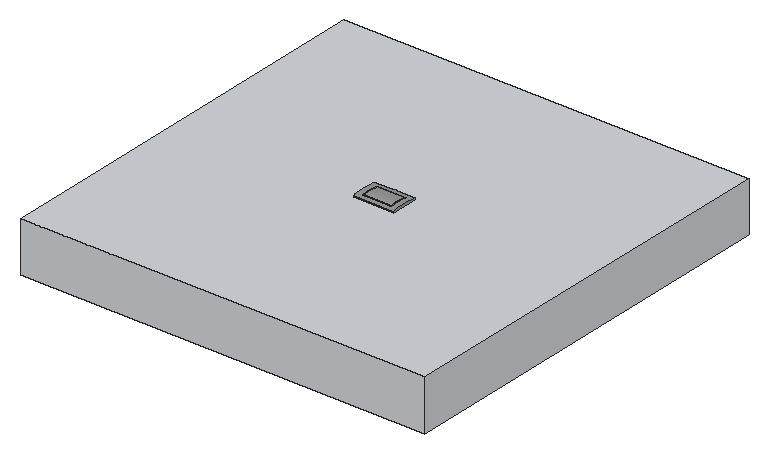
Revit family "IS_Septa_R0128_BIM_DE", category Plumbing Fixtures, host Face, Revit 2017
Family settings
  Host = Face
  Round Connector Dimension = Use Diameter
  Part Type = Normal
  OmniClass Number = 23.45.05.21.11.11
  OmniClass Title = Water Operated Water Closets
  Cut with Voids When Loaded = No
  Shared = Yes
  Room Calculation Point = No
Parameters (values of type "R0128MY - SEPTA PRO M2 S/STEEL - IS")
  Wisselstukken = "n/a"
  Werkdruk = "n/a"
  WaterEfficientProduct = no
  WaarborgGarantieInstallatie = "n/a"
  WRAS = no
  WFU = 0
  Vorm = "n/a"
  Volumeunits = "Litres"
  Verwachtelevensduur = "5"
  Vervangingskosten = 0
  Versie = "1"
  ValutaEenheid = "n/a"
  Urlproducent = "https://www.idealstandard.de/de/products"
  UrinoirType = "n/a"
  Uniclass2015Referentie = "Pr_40_20_93"
  Uniclass2015Reference = "n/a"
  Uniclass2015Description = "Urinal and WC fittings"
  Uniclass2015Beschrijving = "n/a"
  Uniclass2 = "Pr_40_20_93_89"
  URL = "https://www.idealstandard.de/de/products"
  Typewastafel = "n/a"
  TypespoelingWC = "n/a"
  Typekraanwerk = "n/a"
  Typeconnectie = "n/a"
  Typebad = "n/a"
  TypeWC = "n/a"
  Type Comments = "n/a"
  Toepassing = ""
  Testdruk = "n/a"
  Telefoonnummer = "+49 (0) 6571 16 0"
  Sluitingspatroon = "n/a"
  Revision = "n/a"
  Revisie = "n/a"
  Referentie = ""
  Productinformatie = "https://www.idealstandard.de/profibereich"
  ProductSoort = ""
  Overloop = 0 mm
  OppervlakteEenheid = "mm"
  OppervlakteAfmeting = "n/a"
  Ophangingwastafel = "n/a"
  Normen = "n/a"
  Nettogewicht = 1.0224
  NBSTypeID = "n/a"
  NBSReference = "45-30-70/387"
  NBSOfficeMasterTag = "n/a"
  NBSNote = "n/a"
  NBSDescription = "WC cistern fittings"
  NBSCertification = "n/a"
  Montageinstuctie = "https://www.idealstandard.de/profibereich"
  Model = "R0128MY"
  Merk = "Ideal Standard"
  MateriaalWC = "n/a"
  MateriaalUrinoir = "n/a"
  Materiaal = "Metal"
  Manufacturer = "Productinfo@thebluebook.co.uk"
  Lengte = 0 mm
  Kwaliteitsgraad = "n/a"
  Kleurwc = "n/a"
  KleurUrinoir = "n/a"
  Kleur = "Chrome"
  Klepmechanisme = "n/a"
  Keynote = "n/a"
  Installatieinstructies = "https://www.idealstandard.de/profibereich"
  Hulp = "https://www.idealstandard.de/unternehmen"
  Hoogte = ""
  Heefthandvaten = no
  HWFU = 0
  GrootteAfvoergat = 0
  GemaaktOp = "n/a"
  Garantieunits = "Year"
  Garantieonderdelen = "n/a"
  GarantieduurInstallatie = "n/a"
  Functiekraanwerk = "n/a"
  Functieindoucheruimte = "n/a"
  Flush Plate Material = Stainless Steel, Brushed
  Eigenschappen = "n/a"
  ECA = no
  Duurzaamheid = "n/a"
  DuurEenheid = "year"
  Douchebak = no
  Doorstromingscoëfficiënt = "n/a"
  Distributeur = "n/a"
  DikteMateriaal = "n/a"
  Diepte = 0 mm
  Description = "AntiVandal plate, CP - SF"
  Default Elevation = 900 mm
  Debiet = ""
  Cost = 0
  CWFU = 0
  BrutoGewicht = 0
  Breedte = 0
  BimObjectNaam = "IS_Ideal Standard_WC cistern fittings_Septa_R0128MY"
  Bestanddelen = "n/a"
  Beschrijvinggarantie = "Manufacturers Warranty"
  Beschrijvingdouchekop = "n/a"
  BeschrijvingBovenkantKraan = "n/a"
  Bedieningkraanwerk = "n/a"
  Bedieningkraan = "n/a"
  Barrièrevrijwonen = "n/a"
  Barcode = "3391500580527"
  BREEAMApproved = no
  Auteur = "Ideal Standrad"
  Assembly Code = "C1030200"
  Artikelreferentie = "1"
  Artikelomschrijving = "Betätigungsplatte E1 SEPTA PRO, elektronischen Auslösung, Chrom"
  Artikelnummer = "R0128MY"
  Afwerking = "Chrome"
  AfstandsEenheid = "millimeters"
  AfsluitNiveau = "n/a"
  Afmetingen = "243 x 18 x 163mm"
  AccessibilityPerformance = "n/a"
  Accesoires = ""
Reference planes
  plane 1 "Center (Front/Back)": y = 0
  plane 2: z = 0
  plane 3 "Center (Left/Right)": x = 0
  plane 4: y = 0
  plane 5: z = 0
Forms (mm)
  Extrusion 1, solid
    sketch origin (0, 0, 0) x (1, 0, 0) y (0, 1, 0)
      loop
        line (-1219.2, 1219.2) -> (-1219.2, -1219.2) -> (1219.2, -1219.2) -> (1219.2, 1219.2) -> (-1219.2, 1219.2)
    from 0 to -304.8
  Extrusion 2, solid, material "Stainless Steel, Brushed" <- "Flush Plate Material", detail levels medium+fine
    sketch origin (-121.611, 0, -30.48) x (0, -1, 0) y (0, 0, 1)
      loop
        line (-81.5, 30.48) -> (81.5, 30.48) -> (81.172, 39.865)
        spline (81.172, 39.865) -> (57.068, 42.26) -> (45.025, 43.168) -> (33.831, 43.786) -> (21.39, 44.318) -> (8.99, 44.597) -> (-3.021, 44.572) -> (-15.113, 44.289) -> (-27.76, 43.796) -> (-40.943, 43.12) -> (-54.211, 42.265) -> (-67.335, 41.215) -> (-81.172, 39.865)
        line (-81.172, 39.865) -> (-81.5, 30.48)
    from 0 to -243
  Extrusion 3, solid, material "Stainless Steel, Brushed" <- "Flush Plate Material", detail levels medium+fine
    sketch origin (-84.561, 51.054, -30.48) x (0, -1, 0) y (0, 0, 1)
      loop
        spline (98.042, 43.055) -> (85.719, 46.709) -> (77.517, 48.015) -> (71.804, 48.389) -> (65.266, 48.421) -> (57.398, 48.195) -> (49.204, 47.794) -> (40.613, 47.19) -> (31.377, 46.338) -> (22.371, 45.34) -> (14.831, 44.359) -> (7.739, 43.447) -> (-3.443, 42.345)
        line (-3.443, 42.345) -> (-3.443, 30.48) -> (102.505, 30.48) -> (102.505, 42.73) -> (98.042, 43.055)
    from 0 to -168.874
  Extrusion 4, void
    sketch origin (-1524.111, 0, 0) x (0, 1, 0) y (1, 0, 0)
      loop
        line (55.521, 1438.472) -> (55.521, 1609.528) -> (-52.59, 1609.528) -> (-52.59, 1438.472) -> (55.521, 1438.472)
      loop
        line (54.497, 1439.55) -> (54.497, 1608.448) -> (-51.45, 1608.448) -> (-51.45, 1439.55) -> (54.497, 1439.55)
    from 0 to -19.656
  Extrusion 5, solid, material "Stainless Steel, Brushed" <- "Flush Plate Material", detail levels coarse
    sketch origin (121.389, 0, -30.48) x (0, -1, 0) y (0, 0, 1)
      loop
        line (-81.5, 30.48) -> (81.5, 30.48) -> (81.5, 48.519) -> (-81.5, 48.519) -> (-81.5, 30.48)
    from 0 to 243
Cuts and joins
  Extrusion 4 cuts Extrusion 2
Dimensions and locks
  Extrusion 5 to Extrusion 1 = 18.039 mm
  Extrusion 5 to Extrusion 5 = 243 mm
  Extrusion 5 to Extrusion 5 = 163 mm
  aligned and locked: plane 2 to Extrusion 1
  aligned and locked: level to Extrusion 1
